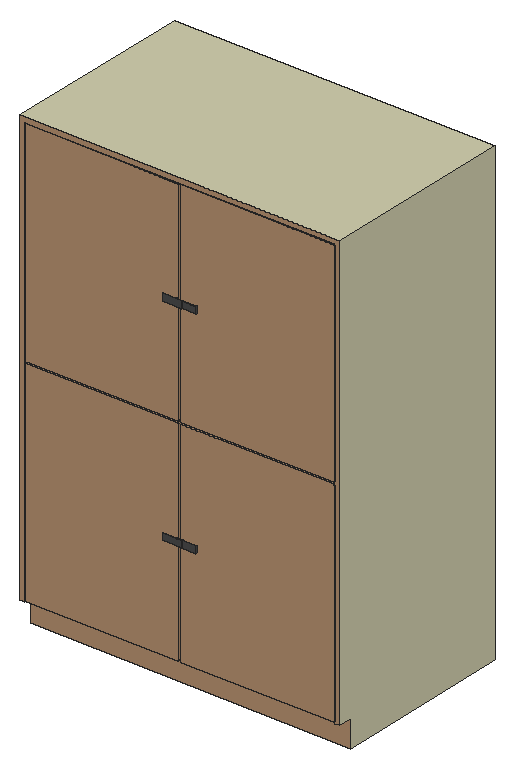
Revit family "Cabinet_Wenger_UltraStor_67", category Furniture, Revit 2015
Parameters (values of type "UltraStor Cabinet #67 - Comp Wood Doors")
  URL = "https://www.wengercorp.com/"
  Type Comments = ""
  Specification = "http://www.arcat.com/sdspecs/htm04/12_35_83wen.htm"
  Shelf Thickness = 0' - 1 1/8"
  Sales Information = "https://www.wengercorp.com/contact-us.php"
  Revision = "R1_2018-04"
  Rear Panel Thickness = 0' - 0 3/4"
  Product Data = "http://www.arcat.com/arcatcos/cos36/arc36487.html"
  Manufacturer Website = "https://www.wengercorp.com/"
  Manufacturer Phone - Toll Free = "800-4WENGER"
  Manufacturer Phone = "(507) 455-4100"
  Manufacturer Fax = "(507) 455-4258"
  Manufacturer Address = "555 Park Dr., Owatonna, MN 55060"
  Keynote = "12 35 83"
  HasDoors = yes
  Green Building-LEED = "http://www.arcat.com/green/clients/leed_data_36487.html"
  Drawn By = "Sumex Design, Inc. / Robert S. Weygant, CSI, CDT, SCIP"
  Door Width = (Cabinet Width - 0' 1 5/8") / 2  # 1' - 11 7/16"
  Door Style = Door_Base : Solid Door
  Door Material [instance] = Wenger Cherry (Use Cherry Edge Band Only)
  Door Height = (Cabinet Height - 0' 4 3/4") / 2  # 2' - 8 1/2"
  Toe Kick Material [instance] = Wenger Cherry (Use Cherry Edge Band Only)
  RH End Panel [instance] = no
  Model = "#67"
  Manufacturer = "Wenger Corporation"
  LH End Panel [instance] = no
  End Panel Material [instance] = Wenger Cherry (Use Cherry Edge Band Only)
  Edge Banding Material [instance] = Wenger Cherry (Use Cherry Edge Band Only)
  Cost = 0
  Copyright = "© 2018 Arcat Inc."
  Construction Details = "http://www.arcat.com/details/wengerco/wengerco.html?coid=36487"
  Body Material [instance] = Wenger - Oyster
  Description = "Wenger UltraStor Cabinet #67 - Comp Wood Doors"
  Cabinet Width = 4' - 0 1/2"
  Cabinet Height = 5' - 9 3/4"
  Installed Depth = 2' - 5 1/4"
  Cabinet Panel Thickness = 0' - 0 3/4"
  Assembly Code = "E2010200"
Types (7): name | Rear Panel Thickness | HasDoors | Door Style | Door Material | Model | Description | Installed Depth
  Acoustic Cabinet #67 - No Doors | 0' - 3 1/4" | no | Door_Base : Solid Door | none | "#67A" | "Wenger Acoustic Cabinet #67 - No Doors" | 2' - 7 3/4"
  Acoustic Cabinet #67 - Comp Waterfall Grille Doors | 0' - 3 1/4" | yes | Door_Base : Waterfall | Painted Black | "#67A" | "Wenger Acoustic Cabinet #67 - Comp Waterfall Grille Doors" | 2' - 7 3/4"
  Acoustic Cabinet #67 - Comp Grille Doors | 0' - 3 1/4" | yes | Door_Base : Bars | Painted Black | "#67A" | "Wenger Acoustic Cabinet #67 - Comp Grille Doors" | 2' - 7 3/4"
  UltraStor Cabinet #67 - Comp Waterfall Grille Doors | 0' - 0 3/4" | yes | Door_Base : Waterfall | Painted Black | "#67" | "Wenger UltraStor Cabinet #67 - Comp Waterfall Grille Doors" | 2' - 5 1/4"
  UltraStor Cabinet #67 - Comp Grille Doors | 0' - 0 3/4" | yes | Door_Base : Bars | Painted Black | "#67" | "Wenger UltraStor Cabinet #67 - Comp Grille Doors" | 2' - 5 1/4"
  UltraStor Cabinet #67 - No Doors | 0' - 0 3/4" | no | Door_Base : Solid Door | none | "#67" | "Wenger UltraStor Cabinet #67 - No Doors" | 2' - 5 1/4"
  UltraStor Cabinet #67 - Comp Wood Doors | 0' - 0 3/4" | yes | Door_Base : Solid Door | Wenger Cherry (Use Cherry Edge Band Only) | "#67" | "Wenger UltraStor Cabinet #67 - Comp Wood Doors" | 2' - 5 1/4"
Reference planes (in)
  plane 1 "Front": y = 0
  plane 2: z = 0
  plane 3 "Left": x = 0
  plane 4 "Right": x = 48.5
  plane 5 "Back": y = 29.25
  plane 6 "Top": z = 69.75
  plane 7: z = 4
  plane 8: z = 36.5
  plane 9: x = 0.75
  plane 10: x = 47.75
  plane 11: z = 69
  plane 12: x = 24.1875
  plane 13: x = 24.3125
  plane 14: y = 28.5
  plane 15: y = 2
  plane 16: y = 0.75
  plane 17: z = 37.625
  plane 18: z = 5.125
Forms (in)
  Extrusion 1, solid, material "Wenger - Oyster" <- "Body Material"
    sketch origin (0, 0, 0) x (0, 1, 0) y (0, 0, 1)
      loop
        line (0, 69.75) -> (0, 4) -> (2, 4) -> (2, 0) -> (29.25, 0) -> (29.25, 69.75) -> (0, 69.75)
    from 0 to 48.5
  Extrusion 2, void
    sketch origin (0, 0, 0) x (0, 1, 0) y (0, 0, 1)
      loop
        line (0, 69) -> (0, 4) -> (0.75, 4)
        arc (0.75, 4) -> (1.15915, 4.80234) -> (2, 5.125) r 1.25694
        line (2, 5.125) -> (28.5, 5.125) -> (28.5, 36.5) -> (0.75, 36.5)
        arc (0.75, 36.5) -> (1.15915, 37.30234) -> (2, 37.625) r 1.25694
        line (2, 37.625) -> (28.5, 37.625) -> (28.5, 69) -> (0, 69)
    from 0.75 to 47.75
  Extrusion 3, void
    sketch origin (0, 0, 0) x (0, 1, 0) y (0, 0, 1)
      loop
        line (0, 69) -> (0, 4) -> (0.0625, 4) -> (0.0625, 69) -> (0, 69)
    from 0.75 to 47.75
Cuts and joins
  Extrusion 2, Extrusion 3 cuts Extrusion 1
Lines and regions (in)
  Masking region 1
    outline origin (0, 0, 0) x (1, 0, 0) y (0, 1, 0)
      loop
        line (0, 29.25) -> (0, 0) -> (48.5, 0) -> (48.5, 29.25) -> (0, 29.25)
Dimensions and locks (in)
  "Cabinet Panel Thickness": plane 3 "Left" to plane 9
  "Cabinet Panel Thickness": plane 10 to plane 4 "Right"
  "Cabinet Panel Thickness": plane 5 "Back" to plane 14
  locked: plane 1 "Front" to plane 16 at 0.75
  locked: plane 1 "Front" to plane 15 at 2
  "Shelf Thickness": plane 17 to plane 8
  "Cabinet Panel Thickness": plane 6 "Top" to plane 11
  equal spacing: plane 11, plane 8, plane 7
  "Shelf Thickness": plane 18 to plane 7
  "Cabinet Width": plane 3 "Left" to plane 4 "Right"
  locked: plane 7 to level at 4
  "Cabinet Height": plane 6 "Top" to level
  "Installed Depth": plane 1 "Front" to plane 5 "Back"
  "Door Width": plane 12 to plane 9
  "Door Width": plane 10 to plane 13
  plane 3 "Left" to plane 4 "Right" = 4' - 0 1/2"
  equal spacing: plane 5 "Back", nested 2, plane 1 "Front"
  equal spacing: plane 12, nested 2, plane 13
  aligned and locked: Extrusion 1 sketch curve to plane 6 "Top"
  aligned and locked: Extrusion 1 sketch curve to plane 5 "Back"
  aligned and locked: Extrusion 1 sketch curve to plane 1 "Front"
  aligned and locked: Extrusion 1 sketch curve to plane 7
  aligned and locked: Extrusion 1 sketch curve to plane 15
  aligned and locked: Extrusion 1 sketch curve to level
  aligned and locked: Extrusion 1 to plane 4 "Right"
  aligned and locked: Extrusion 1 to plane 3 "Left"
  aligned and locked: Extrusion 2 sketch curve to plane 11
  aligned and locked: Extrusion 2 sketch curve to plane 14
  aligned and locked: Extrusion 2 sketch curve to plane 8
  aligned and locked: Extrusion 2 sketch curve to plane 18
  aligned and locked: Extrusion 2 sketch curve to plane 17
  aligned and locked: Extrusion 2 to plane 9
  aligned and locked: Extrusion 3 sketch curve to cut or joined group of Extrusion 1, Extrusion 2, Extrusion 3  (x3)
  aligned and locked: Extrusion 3 to plane 10
  aligned and locked: Extrusion 3 to plane 9
  aligned and locked: nested 3 to plane 9
  aligned and locked: plane 12 to nested 3
  aligned and locked: nested 3 to plane 8
  aligned and locked: cut or joined group of Extrusion 1, Extrusion 2, Extrusion 3 to plane 8
  aligned and locked: plane 12 to nested 4
  aligned and locked: nested 4 to plane 9
  aligned and locked: plane 7 to cut or joined group of Extrusion 1, Extrusion 2, Extrusion 3
  aligned and locked: nested 4 to plane 7
  aligned and locked: plane 16 to Extrusion 2 sketch curve
  aligned and locked: plane 1 "Front" to nested 5
  aligned and locked: nested 5 to level
  aligned and locked: nested 5 to plane 4 "Right"
  aligned and locked: Masking region 1 sketch curve to plane 5 "Back"
  aligned and locked: Masking region 1 sketch curve to plane 1 "Front"
  aligned and locked: plane 3 "Left" to Masking region 1 sketch curve
  aligned and locked: plane 4 "Right" to Masking region 1 sketch curve
  aligned and locked: cut or joined group of Extrusion 1, Extrusion 2, Extrusion 3 to plane 10
  aligned and locked: nested 7 to plane 7
  aligned and locked: nested 7 to plane 10
  aligned and locked: nested 6 to plane 8
  aligned and locked: nested 6 to plane 10
  aligned and locked: plane 1 "Front" to Extrusion 2 sketch curve
Automatic sketch dimensions
  plane 16 to Extrusion 3 sketch curve = 0' - 0 11/16"
  Extrusion 2 sketch curve to plane 7 = 0' - 0"
  Extrusion 2 sketch curve to plane 16 = 0' - 0"
  Extrusion 2 sketch curve to plane 15 = 0' - 0"  (x2)
  Extrusion 2 sketch curve to plane 14 = 0' - 0"
Nested families (in)
  nested 1: "End Panel" at (0, 14.25, 0) x (0, -1, 0) z (0, 0, 1), End Panel Material <- "End Panel Material", visible <- "LH End Panel", Edge Banding Material <- "Edge Banding Material", type "End Panel"
    with End Panel Material Wenger Cherry (Use Cherry Edge Band Only), Edge Banding Material Wenger Cherry (Use Cherry Edge Band Only), End Panel Height 5' - 9 3/4", End Panel Depth 2' - 5 1/4"
  nested 2: "Labels" at (24.25, 14.625, 0), type "Labels"
  nested 3: "Door_Base" at (12.46875, 0, 36.5) x (1, 0, 0) z (0, -1, 0), type <- "Door Style", Height <- "Door Height", Width <- "Door Width", visible <- "HasDoors", type "Solid Door", detail levels medium+fine
    with vBars 21, Width 1' - 11 7/16", ToeKick Height 0' - 4", MidBar no, Height 2' - 8 1/2", BarHt 2' - 8", 2HzBars no
  nested 4: "Door_Base" at (12.46875, 0, 4) x (1, 0, 0) z (0, -1, 0), type <- "Door Style", Height <- "Door Height", Width <- "Door Width", visible <- "HasDoors", type "Solid Door", detail levels medium+fine
    with vBars 21, Width 1' - 11 7/16", ToeKick Height 0' - 4", MidBar no, Height 2' - 8 1/2", BarHt 2' - 8", 2HzBars no
  nested 5: "End Panel" at (49.25, 14.25, 0) x (0, -1, 0) z (0, 0, 1), End Panel Material <- "End Panel Material", Edge Banding Material <- "Edge Banding Material", visible <- "RH End Panel", type "End Panel"
    with End Panel Material Wenger Cherry (Use Cherry Edge Band Only), Edge Banding Material Wenger Cherry (Use Cherry Edge Band Only), End Panel Height 5' - 9 3/4", End Panel Depth 2' - 5 1/4"
  nested 6: "Door_Base" at (36.03125, 0, 69) x (-1, 0, 0) z (0, -1, 0), Height <- "Door Height", Width <- "Door Width", type <- "Door Style", visible <- "HasDoors", type "Solid Door"
    with vBars 21, Width 1' - 11 7/16", ToeKick Height 0' - 4", MidBar no, Height 2' - 8 1/2", BarHt 2' - 8", 2HzBars no
  nested 7: "Door_Base" at (36.03125, 0, 36.5) x (-1, 0, 0) z (0, -1, 0), Height <- "Door Height", Width <- "Door Width", type <- "Door Style", visible <- "HasDoors", type "Solid Door"
    with vBars 21, Width 1' - 11 7/16", ToeKick Height 0' - 4", MidBar no, Height 2' - 8 1/2", BarHt 2' - 8", 2HzBars no
Definition of nested family "End Panel"
  Parameters (values of type "End Panel")
    End Panel Material [instance] = none
    End Panel Height = 7' - 1 5/8"
    End Panel Depth = 1' - 9 3/4"
    Edge Banding Material [instance] = none
    Default Elevation = 4' - 0"
    Assembly Code = ""
  Reference planes (in)
    plane 1 "Center (Front/Back)": y = 0
    plane 2: z = 0
    plane 3 "Center (Left/Right)": x = 0
    plane 4: x = -15
    plane 5: x = 6.75
    plane 6: z = 4
    plane 7: x = 4.75
    plane 8: z = 85.625
    plane 9: y = -0.75
  Forms (in)
    Extrusion 1, solid, material <- "End Panel Material"
      sketch origin (0, 0, 0) x (1, 0, 0) y (0, 0, 1)
        loop
          line (-15, 85.625) -> (-15, 0) -> (4.75, 0) -> (4.75, 4) -> (6.75, 4) -> (6.75, 85.625) -> (-15, 85.625)
      from 0 to 0.75
  Lines and regions (in)
    Masking region 1, detail levels coarse+medium
      outline origin (0, 0, 0) x (1, 0, 0) y (0, 1, 0)
        loop
          line (-15, 0) -> (-15, -0.75) -> (6.75, -0.75) -> (6.75, 0) -> (-15, 0)
  Dimensions and locks (in)
    locked: plane 7 to plane 5 at 2
    locked: plane 6 to level at 4
    "End Panel Height": plane 8 to level
    "End Panel Depth": plane 5 to plane 4
    locked: plane 9 to plane 1 "Center (Front/Back)" at 0.75
    aligned and locked: plane 4 to Extrusion 1 sketch curve
    aligned and locked: level to Extrusion 1 sketch curve
    aligned and locked: plane 7 to Extrusion 1 sketch curve
    aligned and locked: plane 6 to Extrusion 1 sketch curve
    aligned and locked: Extrusion 1 sketch curve to plane 5
    aligned and locked: Extrusion 1 sketch curve to plane 8
    aligned and locked: Extrusion 1 to plane 9
    aligned and locked: Extrusion 1 to plane 1 "Center (Front/Back)"
    aligned and locked: plane 4 to Masking region 1 sketch curve
    aligned and locked: Masking region 1 sketch curve to plane 5
    aligned and locked: plane 1 "Center (Front/Back)" to Masking region 1 sketch curve
    aligned and locked: plane 9 to Masking region 1 sketch curve
Definition of nested family "Door_Base"
  Parameters (values of type "None")
    vBars [instance] = (Width - 0' 2") / 0' 1"  # 6
    Width [instance] = 0' - 8"
    ToeKick Height [instance] = 0' - 4"
    Thickness = 0' - 0 3/4"
    Solid Door = no
    Shelf Thickness = 0' - 0 3/4"
    Panel Thickness = 0' - 0 3/4"
    MidBar [instance] = and(Height < 1' 6", HasDoor, not(Solid Door))  # no
    Height [instance] = 1' - 2 5/8"
    HasDoor = no
    Edge Banding = none
    DoorGap = 0' - 0 1/8"
    Door Finish = none
    Depth = 2' - 0"
    Default Elevation = 4' - 0"
    Bars = no
    BarStyle = Bars : Waterfall
    BarHt [instance] = Height - 0' 0 1/2"  # 1' - 2 1/8"
    2HzBars [instance] = and(Height > 1' 6", not(Solid Door))  # no
  Types (4): name | Thickness | Solid Door | MidBar | HasDoor | Bars | BarStyle
    Solid Door | 0' - 0 3/4" | yes | no | yes | no | Bars : Waterfall
    Bars | 0' - 0 1/4" | no | yes | yes | yes | Bars : Straight
    Waterfall | 0' - 0 3/4" | no | yes | yes | yes | Bars : Waterfall
    None | 0' - 0 3/4" | no | no | no | no | Bars : Waterfall
  Reference planes (in)
    plane 1 "Center (Front/Back)": y = 0
    plane 2: z = 0
    plane 3 "Center (Left/Right)": x = 0
    plane 4: x = -4
    plane 5: y = 14.625
    plane 6: x = 4
    plane 7: z = -0.75
    plane 8: x = -3.875
    plane 9: x = 3.875
    plane 10: y = 0.125
    plane 11: y = 14.5
    plane 12: y = -0.75
    plane 13 "CL Elev": y = 7.3125
    plane 14: x = -3.75
    plane 15: x = 3.75
    plane 16 "BtmRail": y = 0.25
    plane 17: y = 14.375
    plane 18: z = -0.125
    plane 19: x = -2.75
    plane 20: x = 2.75
    plane 21: y = 9.66667
    plane 22: y = 4.95833
  Forms (in)
    Extrusion 1, solid, material <- "Door Finish", visible <- "Solid Door", detail levels medium+fine
      sketch origin (0, 0, 0) x (1, 0, 0) y (0, 1, 0)
        loop
          arc (-3.75, 14.5) -> (-3.83839, 14.46339) -> (-3.875, 14.375) r 0.125
          line (-3.875, 14.375) -> (-3.875, 0.25)
          arc (-3.875, 0.25) -> (-3.83839, 0.16161) -> (-3.75, 0.125) r 0.125
          line (-3.75, 0.125) -> (3.75, 0.125)
          arc (3.75, 0.125) -> (3.83839, 0.16161) -> (3.875, 0.25) r 0.125
          line (3.875, 0.25) -> (3.875, 14.375)
          arc (3.875, 14.375) -> (3.83839, 14.46339) -> (3.75, 14.5) r 0.125
          line (3.75, 14.5) -> (-3.75, 14.5)
      from 0 to -0.75
    Sweep 2, solid, material <- "Door Finish", visible <- "Bars", detail levels medium+fine
      path origin (0, 0, 0) x (1, 0, 0) y (0, 1, 0)
        loop
          arc (-3.125, 14.5) -> (-3.65533, 14.28033) -> (-3.875, 13.75) r 0.75
          line (-3.875, 13.75) -> (-3.875, 0.875)
          arc (-3.875, 0.875) -> (-3.65533, 0.34467) -> (-3.125, 0.125) r 0.75
          line (-3.125, 0.125) -> (3.125, 0.125)
          arc (3.125, 0.125) -> (3.65533, 0.34467) -> (3.875, 0.875) r 0.75
          line (3.875, 0.875) -> (3.875, 13.75)
          arc (3.875, 13.75) -> (3.65533, 14.28033) -> (3.125, 14.5) r 0.75
          line (3.125, 14.5) -> (-3.125, 14.5)
      profile origin (0, 14.5, 0) x (0, 1, 0) y (0, 0, 1)
        loop
          circle (-0.125, -0.125) r 0.125
    Extrusion 3, solid, material <- "Door Finish", visible <- "MidBar", detail levels medium+fine
      sketch origin (0, 0, 0) x (0, 1, 0) y (0, 0, 1)
        loop
          circle (7.3125, -0.125) r 0.125
      from -3.75 to 3.75
    Extrusion 4, solid, visible <- "HasDoor", detail levels fine
      sketch origin (0, 0, 0) x (1, 0, 0) y (0, 1, 0)
        loop
          line (1.5, 7.8125) -> (1.5, 6.8125) -> (4.5, 6.8125) -> (4.5, 7.8125) -> (1.5, 7.8125)
      from 0 to 0.125
    Extrusion 5, solid, material <- "Door Finish", visible <- "2HzBars", detail levels medium+fine
      sketch origin (0, 0, 0) x (0, 1, 0) y (0, 0, 1)
        loop
          circle (9.66667, -0.125) r 0.125
        loop
          circle (4.95833, -0.125) r 0.125
      from -3.75 to 3.75
  Lines and regions (in)
    symbolic lines, visible <- "HasDoor", detail levels medium+fine
      curve 1: line (4, 0.25, 0) -> (-4, 0.25, 0)
      curve 2: line (-4, 0.25, 0) -> (-4, 0.25, 8)
      curve 3: arc (4, 0.25, 0) -> (1.65685, 0.25, 5.65685) -> (-4, 0.25, 8) r 8
    symbolic lines, visible <- "HasDoor"
      curve 4: line (3.875, 0.25, 0) -> (3.875, 0.25, -0.75)
      curve 5: line (3.875, 0.25, -0.75) -> (-3.875, 0.25, -0.75)
      curve 6: line (-3.875, 0.25, -0.75) -> (-3.875, 0.25, 0)
    symbolic lines, detail levels medium
      curve 7: line (3.875, 14.5, 0) -> (-3.875, 7.3125, 0)
      curve 8: line (-3.875, 7.3125, 0) -> (3.875, 0.125, 0)
  Dimensions and locks (in)
    "Height": plane 1 "Center (Front/Back)" to plane 5
    "Thickness": level to plane 7
    equal spacing: plane 4, plane 3 "Center (Left/Right)", plane 6
    "Width": plane 4 to plane 6
    "DoorGap": plane 5 to plane 11
    "DoorGap": plane 9 to plane 6
    "DoorGap": plane 4 to plane 8
    "DoorGap": plane 1 "Center (Front/Back)" to plane 10
    "Shelf Thickness": plane 1 "Center (Front/Back)" to plane 12
    equal spacing: plane 1 "Center (Front/Back)", plane 13 "CL Elev", plane 5
    locked: plane 15 to plane 9 at 0.125
    locked: plane 8 to plane 14 at 0.125
    locked: plane 11 to plane 17 at 0.125
    locked: plane 16 "BtmRail" to plane 10 at 0.125
    locked: level to plane 18 at 0.125
    plane 19 to plane 14 = 0' - 1"
    locked: plane 15 to plane 20 at 1
    Extrusion 4 sketch curve to plane 13 "CL Elev" to Extrusion 4 sketch curve = 0' - 0 1/2" locked, 0' - 0 1/2" locked
    locked: plane 6 to Extrusion 4 sketch curve at 0.5
    locked: Extrusion 4 sketch curve to plane 6 at 2.5
    locked: Extrusion 4 to level at 0.125
    equal spacing: group 1, group 3, group 4, group 5, group 6, group 2  (x3)
    equal spacing: plane 17, plane 21, plane 22, plane 16 "BtmRail"
    "Width": radius of curve 3
    aligned and locked: plane 2 to level
    aligned and locked: Extrusion 1 sketch curve to plane 11
    aligned and locked: plane 8 to Extrusion 1 sketch curve
    aligned and locked: Extrusion 1 sketch curve to plane 9
    aligned and locked: plane 10 to Extrusion 1 sketch curve
    aligned and locked: Extrusion 1 to plane 7
    aligned and locked: level to Extrusion 1
    aligned and locked: Sweep 2 sketch curve to plane 11
    aligned and locked: plane 8 to Sweep 2 sketch curve
    aligned and locked: plane 10 to Sweep 2 sketch curve
    aligned and locked: Sweep 2 sketch curve to plane 9
    aligned and locked: plane 15 to Extrusion 3
    aligned and locked: Extrusion 3 to plane 14
    aligned and locked: plane 20 to nested 2
    aligned and locked: plane 19 to nested 1
    aligned and locked: plane 21 to Extrusion 5 sketch curve
    aligned and locked: plane 18 to Extrusion 5 sketch curve  (x2)
    aligned and locked: plane 22 to Extrusion 5 sketch curve
    aligned and locked: Extrusion 5 to Extrusion 3  (x2)
    aligned and locked: plane 4 to curve 3  (x2)
    aligned and locked: level to curve 3
    aligned and locked: plane 7 to curve 5
    aligned and locked: Extrusion 1 to plane 8
    aligned and locked: plane 9 to Extrusion 1
    aligned and locked: plane 10 to curve 8
    aligned and locked: plane 9 to curve 8
    aligned and locked: plane 13 "CL Elev" to curve 8
    aligned and locked: plane 11 to curve 7
    aligned and locked: plane 9 to curve 7
  Automatic sketch dimensions
    plane 8 to Sweep 2 sketch curve = 0' - 0 3/4"  (x2)
    Sweep 2 sketch curve to plane 9 = 0' - 0 3/4"
    Sweep 2 sketch curve to Sweep 2 sketch curve = 0' - 0 3/4"
    Sweep 2 sketch curve to level = 0' - 0 1/8"
    profile plane to Sweep 2 sketch curve = 0' - 0 1/8"
    Extrusion 3 sketch curve to level = 0' - 0 1/8"
    Extrusion 3 sketch curve to plane 13 "CL Elev" = 0' - 0"
    curve 8 to plane 8 = 0' - 0"
    Extrusion 1 sketch curve to plane 14 = 0' - 0"  (x2)
    Extrusion 1 sketch curve to plane 15 = 0' - 0"  (x2)
    curve 5 to plane 9 = 0' - 0"
    curve 6 to plane 8 = 0' - 0"
    radius of Sweep 2 sketch curve = 0' - 0 1/8"
    radius of Extrusion 3 sketch curve = 0' - 0 1/8"
    radius of Extrusion 5 sketch curve = 0' - 0 1/8"  (x2)
  Nested families (in)
    nested 1: "Bars" at (-2.75, 0.25, -0.125) x (1, 0, 0) z (0, 1, 0), type <- "BarStyle", visible <- "Bars", type "Waterfall", detail levels fine
      with Lateral Deviation 0' - 1", Height 1' - 2 1/8"
    nested 2: "Bars" at (2.75, 0.25, -0.125) x (1, 0, 0) z (0, 1, 0), type <- "BarStyle", visible <- "Bars", type "Waterfall", detail levels fine
      with Lateral Deviation 0' - 1", Height 1' - 2 1/8"
    nested 3: "Bars" at (-1.65, 0.25, -0.125) x (1, 0, 0) z (0, 1, 0), type <- "BarStyle", visible <- "Bars", type "Waterfall", detail levels fine
      with Lateral Deviation 0' - 1", Height 1' - 2 1/8"
    nested 4: "Bars" at (-0.55, 0.25, -0.125) x (1, 0, 0) z (0, 1, 0), type <- "BarStyle", visible <- "Bars", type "Waterfall", detail levels fine
      with Lateral Deviation 0' - 1", Height 1' - 2 1/8"
    nested 5: "Bars" at (0.55, 0.25, -0.125) x (1, 0, 0) z (0, 1, 0), type <- "BarStyle", visible <- "Bars", type "Waterfall", detail levels fine
      with Lateral Deviation 0' - 1", Height 1' - 2 1/8"
    nested 6: "Bars" at (1.65, 0.25, -0.125) x (1, 0, 0) z (0, 1, 0), type <- "BarStyle", visible <- "Bars", type "Waterfall", detail levels fine
      with Lateral Deviation 0' - 1", Height 1' - 2 1/8"
  Definition of nested family "Bars"
    Parameters (values of type "Straight")
      WaterFall = no
      Straight = yes
      Lateral Deviation = 0' - 1 1/2"
      Height = 1' - 2 5/8"
      Default Elevation = 4' - 0"
      Bars = none
    Types (3): name | WaterFall | Straight
      (no name) | no | yes
      Waterfall | yes | no
      Straight | no | yes
    Reference planes (in)
      plane 1 "Center (Front/Back)": y = 0
      plane 2: z = 0
      plane 3 "Center (Left/Right)": x = 0
      plane 4: z = 14.625
      plane 5: z = 7.3125
      plane 6: x = 0.75
      plane 7: x = -0.75
      plane 8: z = 10.96875
      plane 9: z = 3.65625
    Forms (in)
      Sweep 1, solid, material <- "Bars", visible <- "WaterFall"
        path origin (0, 0, 0) x (1, 0, 0) y (0, 0, 1)
          loop
            arc (0, 0) -> (0.56057, 1.79006) -> (0.75, 3.65625) r 9.28711
            arc (0.75, 3.65625) -> (0.56057, 5.52244) -> (0, 7.3125) r 9.28711
        profile origin (0.56057, 0, 1.79006) x (-0.979603, 0, 0.200944) y (0, -1, 0)
          loop
            circle (0, 0) r 0.0625
      Sweep 2, solid, material <- "Bars", visible <- "WaterFall"
        path origin (0, 0, 14.625) x (-1, 0, 0) y (0, 0, -1)
          loop
            arc (0, 0) -> (0.56057, 1.79006) -> (0.75, 3.65625) r 9.28711
            arc (0.75, 3.65625) -> (0.56057, 5.52244) -> (0, 7.3125) r 9.28711
        profile origin (-0.56057, 0, 12.83494) x (0.979603, 0, -0.200944) y (0, -1, 0)
          loop
            circle (0, 0) r 0.0625
      Extrusion 3, solid, material <- "Bars", visible <- "Straight"
        sketch origin (0, 0, 0) x (1, 0, 0) y (0, 1, 0)
          loop
            circle (0, 0) r 0.0625
        from 0 to 14.625
    Dimensions and locks (in)
      "Height": plane 4 to level
      equal spacing: plane 6, plane 3 "Center (Left/Right)", plane 7
      "Lateral Deviation": plane 6 to plane 7
      equal spacing: plane 4, plane 8, plane 5, plane 9, level
      aligned and locked: plane 2 to level
      aligned and locked: plane 3 "Center (Left/Right)" to Sweep 1 sketch curve  (x2)
      aligned and locked: level to Sweep 1 sketch curve
      aligned and locked: plane 6 to Sweep 1 sketch curve
      aligned and locked: plane 9 to Sweep 1 sketch curve
      aligned and locked: plane 4 to Sweep 2 sketch curve
      aligned and locked: plane 3 "Center (Left/Right)" to Sweep 2 sketch curve  (x2)
      aligned and locked: plane 8 to Sweep 2 sketch curve
      aligned and locked: plane 7 to Sweep 2 sketch curve
      aligned and locked: plane 5 to Sweep 2 sketch curve
      aligned and locked: plane 4 to Extrusion 3
      aligned and locked: Extrusion 3 to level
    Automatic sketch dimensions
      plane 1 "Center (Front/Back)" to Sweep 1 sketch curve = 0' - 0"
      Sweep 1 sketch curve to profile plane = 0' - 0"
      Sweep 1 sketch curve to Sweep 1 sketch curve = 0' - 0"
      Sweep 2 sketch curve to plane 1 "Center (Front/Back)" = 0' - 0"
      Sweep 2 sketch curve to profile plane = 0' - 0"
      plane 1 "Center (Front/Back)" to Extrusion 3 sketch curve = 0' - 0"
      Extrusion 3 sketch curve to plane 3 "Center (Left/Right)" = 0' - 0"
      radius of Sweep 1 sketch curve = 0' - 0 1/16"
      radius of Sweep 2 sketch curve = 0' - 0 1/16"
      radius of Extrusion 3 sketch curve = 0' - 0 1/16"
Definition of nested family "Labels"
  Parameters
    Cabinet Label = "01"
  Reference planes (in)
    plane 1: y = 0
    plane 2: x = 0
  Text (in)
    label "xxxx" at (-0.00018, 0.00754, 0), shows "Cabinet Label"
